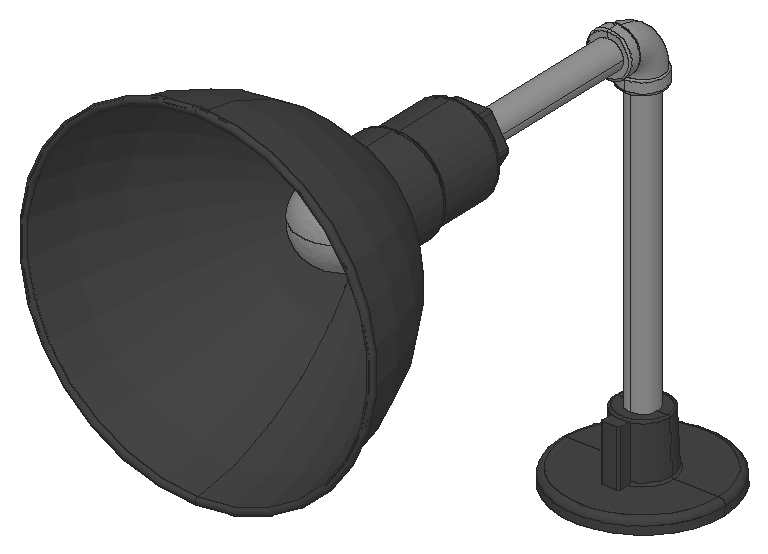
Revit family "BLE-G-DBW-G35-E26", category Lighting Fixtures, host Face, Revit 2022
Family settings
  Host = Face
  Round Connector Dimension = Use Diameter
  Part Type = Normal
  Cut with Voids When Loaded = No
  Light Source = Yes
  Maintain Annotation Orientation = No
  Shared = No
  Room Calculation Point = No
Parameters (values of type "10"")
  Wattage = 5.72229 W
  built-in parameter 1150110 = 1 (stored number, unit not read)
  built-in parameter 1114217 = 1 (stored number, unit not read)
  Tilt Angle = 0.00°
  built-in parameter 1150109 = 1 (stored number, unit not read)
  built-in parameter 1150134 = (empty or 0)
  built-in parameter 1150113 = 1 (stored number, unit not read)
  Gooseneck Material = 100 - Black
  Shade Material = 100 - Black
  Photometric Web File = "generic"
  built-in parameter 1150142 = (empty or 0)
  built-in parameter 1150105 = 67.641 (stored number, unit not read)
  Lumens = 850 lm
  built-in parameter 1150115 = 1 (stored number, unit not read)
  built-in parameter 1150137 = (empty or 0)
  built-in parameter 1150139 = (empty or 0)
  built-in parameter 1150112 = 1 (stored number, unit not read)
  built-in parameter 1150114 = 1 (stored number, unit not read)
  built-in parameter 1150132 = 2
  built-in parameter 1150102 = (empty or 0)
  built-in parameter 1150107 = 3000 (stored number, unit not read)
  built-in parameter 1150138 = (empty or 0)
  built-in parameter 1150106 = 0.67641 (stored number, unit not read)
  built-in parameter 1150104 = 13.8 (stored number, unit not read)
  20" = no
  Dimming Lamp Color Temperature Shift = <None>
  Default Elevation = 4' - 0"
  Color Filter = 16777215
  Base Material = 100 - Black
  built-in parameter 1114218 = 1 (stored number, unit not read)
  built-in parameter 1150133 = 10 (stored number, unit not read)
  16" = no
  14" = no
  12" = no
  10" = yes
Reference planes (in)
  plane 1 "Center (Front/Back)": y = 0
  plane 2: z = 0
  plane 3 "Center (Left/Right)": x = 0
Lines and regions (in)
  reference lines
    curve 1: line (0, 32, 0) -> (0, -36, 0)
    curve 2: line (-33.11947, 0, 0) -> (37.88053, 0, 0)
Dimensions and locks (in)
  locked: plane 1 "Center (Front/Back)" to imposter light at 10.5
  aligned and locked: plane 2 to host face
  aligned and locked: level to host face
  aligned and locked: plane 3 "Center (Left/Right)" to nested 1
  aligned and locked: plane 1 "Center (Front/Back)" to nested 1
  aligned and locked: nested 4 to imposter light
  aligned and locked: imposter light to plane 3 "Center (Left/Right)"
  aligned and locked: plane 1 "Center (Front/Back)" to nested 2
  aligned and locked: imposter light to nested 7
  aligned and locked: nested 5 to imposter light  (x2)
  aligned and locked: imposter light to nested 3
  aligned and locked: nested 7 to imposter light
  aligned and locked: imposter light to nested 6  (x2)
  aligned and locked: nested 3 to imposter light
  aligned and locked: imposter light to nested 2
Nested families (in)
  nested 1: "WBP-7501" at (0, 0, 0), type "WBP-7501"
  nested 2: "G35" at (0, 0, 1.975), type "GNK-5011"
  nested 3: "DBW Shade" at (0, -6.60668, 11.30924) x (0, 0, -1) z (0, -1, 0), type "DBW Shade"
    with 24" no, 20" no, 16" no, 14" no, 12" no
  nested 4: "103264" at (0, -3.60156, 11.30924) x (0, 0, -1) z (0, -1, 0), type "103264"
    with Heat Sink 9" no
  nested 5: "CPL-0004" at (0, -5.9565, 11.30924) x (1, 0, 0) z (0, -1, 0), type "CPL-0004"
  nested 6: "E26 Socket Assy" at (0, -6.64574, 11.30924) x (0, 0, -1) z (0, -1, 0), type "E26 Socket Assy"
  nested 7: "E26 Bulb" at (0, -8.90073, 11.30924) x (1, 0, 0) z (0, -1, 0), type "E26 Bulb"
Connectors (in)
  electrical at (0, 0, 0)
    settings: index 1, voltage 0 V, apparent load 0 VA, apparent load phase1 0 VA, apparent load phase2 0 VA, apparent load phase3 0 VA, power factor 1, load classification "Other", number of poles 1, system type 31, power factor state 1, is connector primary yes, connector utility no, sub classification motor no, connector description ""
Definition of nested family "WBP-7501"
  Parameters (values of type "WBP-7501")
    Default Elevation = 3' - 0"
    Base Material = none
  Reference planes (in)
    plane 1 "Center (Front/Back)": y = 0
    plane 2: z = 0
    plane 3 "Center (Left/Right)": x = 0
    plane 4 "Base Dia": x = -2.325
    plane 5 "Base Height": z = 0.4
    plane 6 "Fillet Radius": z = 0.225
    plane 7: z = 0.458
    plane 8: x = -0.87
    plane 9: x = -0.81
    plane 10: x = -0.76
    plane 11: z = 1.917
    plane 12: z = 1.975
    plane 13: x = -0.7
    plane 14: x = -0.2595
    plane 15: x = 0.2595
    plane 16: y = -1.135
  Forms (in)
    Extrusion 1, solid
      sketch origin (0, 0, 0) x (1, 0, 0) y (0, 1, 0)
        loop
          line (-48, 48) -> (-48, -48) -> (48, -48) -> (48, 48) -> (-48, 48)
      from 0 to -12
    Revolve 2, solid, material <- "Base Material"
      sketch origin (0, 0, 0) x (1, 0, 0) y (0, 0, 1)
        loop
          line (0, 0) -> (0, 1.975) -> (-0.7, 1.975)
          arc (-0.7, 1.975) -> (-0.74172, 1.95814) -> (-0.76, 1.91702) r 0.06003
          line (-0.76, 1.91702) -> (-0.81, 0.458)
          arc (-0.81, 0.458) -> (-0.82699, 0.41699) -> (-0.868, 0.4) r 0.058
          line (-0.868, 0.4) -> (-2.15, 0.4)
          arc (-2.15, 0.4) -> (-2.27374, 0.34874) -> (-2.325, 0.225) r 0.175
          line (-2.325, 0.225) -> (-2.325, 0) -> (0, 0)
        axis (0, 0) -> (0, 1.975)
      angle from 0 to 360
    Extrusion 3, solid, material <- "Base Material"
      sketch origin (0, 0, 0) x (1, 0, 0) y (0, 1, 0)
        loop
          line (-0.2595, -0.76731) -> (-0.2595, -1.075)
          arc (-0.2595, -1.075) -> (-0.24193, -1.11743) -> (-0.1995, -1.135) r 0.06
          line (-0.1995, -1.135) -> (0.1995, -1.135)
          arc (0.1995, -1.135) -> (0.24193, -1.11743) -> (0.2595, -1.075) r 0.06
          line (0.2595, -1.075) -> (0.2595, -0.76731)
          arc (0.2595, -0.76731) -> (0, -0.81) -> (-0.2595, -0.76731) r 0.81
      from 0 to 1.975
  Cuts and joins
    joined: Revolve 2, Extrusion 3
  Dimensions and locks (in)
    plane 4 "Base Dia" to plane 3 "Center (Left/Right)" = 0' - 2.325"
    locked: plane 5 "Base Height" to Extrusion 1 at 0.4
    locked: plane 3 "Center (Left/Right)" to plane 4 "Base Dia" at 2.325
    locked: plane 5 "Base Height" to plane 6 "Fillet Radius" at 0.175
    locked: plane 3 "Center (Left/Right)" to plane 9 at 0.81
    locked: plane 3 "Center (Left/Right)" to plane 8 at 0.87
    locked: plane 3 "Center (Left/Right)" to plane 10 at 0.76
    locked: plane 3 "Center (Left/Right)" to plane 13 at 0.7
    locked: plane 11 to plane 5 "Base Height" at 1.517
    locked: plane 12 to plane 5 "Base Height" at 1.575
    locked: plane 7 to plane 5 "Base Height" at 0.058
    locked: plane 14 to plane 3 "Center (Left/Right)" at 0.2595
    locked: plane 3 "Center (Left/Right)" to plane 15 at 0.2595
    locked: plane 16 to plane 1 "Center (Front/Back)" at 1.135
    radius of Revolve 2 sketch curve = 0' - 0.175"
    aligned and locked: plane 2 to Extrusion 1
    aligned and locked: level to Extrusion 1
    aligned and locked: Revolve 2 sketch curve to plane 5 "Base Height"
    aligned and locked: plane 9 to Revolve 2 sketch curve
    aligned and locked: plane 3 "Center (Left/Right)" to Revolve 2 sketch curve
    aligned and locked: plane 15 to Extrusion 3 sketch curve
    aligned and locked: Extrusion 3 sketch curve to plane 16
    aligned and locked: Extrusion 3 sketch curve to plane 14
  Automatic sketch dimensions
    Extrusion 1 sketch curve to Extrusion 1 sketch curve = 8' - 0"  (x2)
    Revolve 2 sketch curve to level = 0' - 0"
    Revolve 2 sketch curve to plane 4 "Base Dia" = 0' - 0"
    Revolve 2 sketch curve to plane 7 = 0' - 0"  (x2)
    plane 10 to Revolve 2 sketch curve = 0' - 0"
    Revolve 2 sketch curve to plane 12 = 0' - 0"
    Revolve 2 sketch curve to plane 13 = 0' - 0"
    Revolve 2 sketch curve to plane 3 "Center (Left/Right)" = 0' - 0"
    Revolve 2 sketch curve to Revolve 2 sketch curve = 0' - 0.22742"
    Revolve 2 sketch curve to Revolve 2 sketch curve = 0' - 1.76377"
    plane 1 "Center (Front/Back)" to Extrusion 3 sketch curve = 0' - 0"
    Extrusion 3 sketch curve to plane 3 "Center (Left/Right)" = 0' - 0"
    plane 14 to Extrusion 3 sketch curve = 0' - 0.06"
    Extrusion 3 sketch curve to plane 15 = 0' - 0.06"
    Extrusion 3 sketch curve to Extrusion 3 sketch curve = 0' - 0.30769"
Definition of nested family "G35"
  Parameters (values of type "G35")
    Gooseneck Material = none
    Default Elevation = 2' - 0"
  Reference planes (in)
    plane 1 "Center (Front/Back)": y = 0
    plane 2: z = 0
    plane 3 "Center (Left/Right)": x = 0
    plane 4 "Wood Height": z = 0
    plane 5: z = 9.33424
  Forms (in)
    Extrusion 1, solid
      sketch origin (0, 0, 0) x (1, 0, 0) y (0, 1, 0)
        loop
          line (-48, 48) -> (-48, -48) -> (48, -48) -> (48, 48) -> (-48, 48)
      from 0 to -12
  Dimensions and locks (in)
    aligned and locked: plane 2 to Extrusion 1
    aligned and locked: level to Extrusion 1
    aligned and locked: Extrusion 1 to plane 4 "Wood Height"
    aligned and locked: plane 3 "Center (Left/Right)" to nested 1
    aligned and locked: plane 1 "Center (Front/Back)" to nested 1
    aligned and locked: plane 3 "Center (Left/Right)" to nested 2
    aligned and locked: plane 1 "Center (Front/Back)" to nested 2
    aligned and locked: plane 3 "Center (Left/Right)" to nested 3
    aligned and locked: nested 3 to nested 2
  Nested families (in)
    nested 1: "GNK-5016" at (0, 0, 0), type "GNK-5016"
    nested 2: "APF-500X" at (0, 0, 8.12624) x (-1, 0, 0) z (0, 0, 1), type "APF-500X"
    nested 3: "STM-5006" at (0, -1.208, 9.33424) x (0, 0, -1) z (0, -1, 0), type "STM-5006"
  Definition of nested family "GNK-5016"
    Parameters (values of type "GNK-5016")
      Gooseneck Material = none
      Default Elevation = 2' - 0"
    Reference planes (in)
      plane 1 "Center (Front/Back)": y = 0
      plane 2: z = 0
      plane 3 "Center (Left/Right)": x = 0
      plane 4 "Wood Height": z = 0
    Forms (in)
      Extrusion 1, solid
        sketch origin (0, 0, 0) x (1, 0, 0) y (0, 1, 0)
          loop
            line (-48, 48) -> (-48, -48) -> (48, -48) -> (48, 48) -> (-48, 48)
        from 0 to -12
      Sweep 2, solid, material <- "Gooseneck Material"
        path origin (0, 0, 0) x (0, 1, 0) y (0, 0, 1)
          loop
            line (0, -0.0015) -> (0, 8.12624)
        profile origin (0, 0, 4.06237) x (0, -1, 0) y (1, 0, 0)
          loop
            circle (0, 0) r 0.42
    Dimensions and locks (in)
      aligned and locked: plane 2 to Extrusion 1
      aligned and locked: level to Extrusion 1
      aligned and locked: Extrusion 1 to plane 4 "Wood Height"
  Definition of nested family "APF-500X"
    Parameters (values of type "APF-500X")
      Gooseneck Material = none
      Default Elevation = 2' - 0"
    Reference planes (in)
      plane 1 "Center (Front/Back)": y = 0
      plane 2: z = 0
      plane 3 "Center (Left/Right)": x = 0
      plane 4: z = 0.375
      plane 5: y = 0.625
      plane 6: y = 0.833
      plane 7: y = 1.208
      plane 8: z = 1.208
      plane 9: z = 0.583
      plane 10: y = 0.5625
    Forms (in)
      Extrusion 1, solid
        sketch origin (0, 0, 0) x (1, 0, 0) y (0, 1, 0)
          loop
            line (-48, 48) -> (-48, -48) -> (48, -48) -> (48, 48) -> (-48, 48)
        from 0 to -12
      Revolve 2, solid, material <- "Gooseneck Material"
        sketch origin (0, 0, 0) x (0, 1, 0) y (0, 0, 1)
          loop
            line (0, 0.375) -> (0, 0) -> (0.585, 0)
            arc (0.585, 0) -> (0.61328, 0.01172) -> (0.625, 0.04) r 0.04
            line (0.625, 0.04) -> (0.625, 0.335)
            arc (0.625, 0.335) -> (0.61328, 0.36328) -> (0.585, 0.375) r 0.04
            line (0.585, 0.375) -> (0, 0.375)
          axis (0, 0.375) -> (0, 0)
        angle from 0 to 360
      Revolve 3, solid, material <- "Gooseneck Material"
        sketch origin (0, 0, 0) x (0, 1, 0) y (0, 0, 1)
          loop
            line (0.833, 1.208) -> (0.833, 0.623)
            arc (0.833, 0.623) -> (0.84472, 0.59472) -> (0.873, 0.583) r 0.04
            line (0.873, 0.583) -> (1.168, 0.583)
            arc (1.168, 0.583) -> (1.19628, 0.59472) -> (1.208, 0.623) r 0.04
            line (1.208, 0.623) -> (1.208, 1.208) -> (0.833, 1.208)
          axis (1.208, 1.208) -> (0.833, 1.208)
        angle from 0 to 360
      Sweep 4, solid, material <- "Gooseneck Material"
        path origin (0, 0, 0) x (0, 1, 0) y (0, 0, 1)
          loop
            line (0, 0) -> (0, 0.375)
            arc (0, 0.375) -> (0.24398, 0.96402) -> (0.833, 1.208) r 0.833
            line (0.833, 1.208) -> (1.208, 1.208)
        profile origin (0, 0, 0.1875) x (0, -1, 0) y (1, 0, 0)
          loop
            circle (0, 0) r 0.5625
    Cuts and joins
      joined: Revolve 2, Revolve 3, Sweep 4
    Dimensions and locks (in)
      plane 5 to plane 1 "Center (Front/Back)" = 0' - 0 5/8"
      plane 4 to Extrusion 1 = 0' - 0 3/8"
      locked: plane 7 to plane 6 at 0.375
      locked: plane 6 to plane 1 "Center (Front/Back)" at 0.833
      plane 8 to plane 4 = 0' - 0.833"
      locked: plane 8 to plane 9 at 0.625
      locked: plane 10 to plane 1 "Center (Front/Back)" at 0.5625
      radius of Revolve 3 sketch curve = 0' - 0.04"
      aligned and locked: plane 2 to Extrusion 1
      aligned and locked: level to Extrusion 1
      aligned and locked: plane 1 "Center (Front/Back)" to Revolve 2 sketch curve
      aligned and locked: plane 8 to Revolve 3 sketch curve
    Automatic sketch dimensions
      Extrusion 1 sketch curve to Extrusion 1 sketch curve = 8' - 0"  (x2)
      Revolve 2 sketch curve to plane 1 "Center (Front/Back)" = 0' - 0"
      Revolve 2 sketch curve to level = 0' - 0"
      Revolve 2 sketch curve to plane 4 = 0' - 0"
      Revolve 2 sketch curve to plane 5 = 0' - 0"
      plane 5 to Revolve 2 sketch curve = 0' - 0.04"
      Revolve 2 sketch curve to Revolve 2 sketch curve = 0' - 0.04"
      Revolve 2 sketch curve to level = 0' - 0.2686"
      plane 4 to Revolve 2 sketch curve = 0' - 0 1/4"
      Revolve 3 sketch curve to plane 5 = 0' - 0"
      Revolve 3 sketch curve to plane 6 = 0' - 0"
      Revolve 3 sketch curve to plane 9 = 0' - 0"
      Revolve 3 sketch curve to plane 7 = 0' - 0"
      Revolve 3 sketch curve to plane 8 = 0' - 0"
      plane 7 to Revolve 3 sketch curve = 0' - 0.04"
      Revolve 3 sketch curve to Revolve 3 sketch curve = 0' - 0.18003"
      Sweep 4 sketch curve to plane 6 = 0' - 0"
      Sweep 4 sketch curve to plane 7 = 0' - 0"
      Sweep 4 sketch curve to level = 0' - 0"
      Sweep 4 sketch curve to plane 4 = 0' - 0"
      Sweep 4 sketch curve to plane 8 = 0' - 0"
      Sweep 4 sketch curve to plane 3 "Center (Left/Right)" = 0' - 0"
      Sweep 4 sketch curve to profile plane = 0' - 0"
      radius of Sweep 4 sketch curve = 0' - 0 9/16"
  Definition of nested family "STM-5006"
    Parameters (values of type "STM-5006")
      Gooseneck Material = none
      Default Elevation = 2' - 0"
    Reference planes (in)
      plane 1 "Center (Front/Back)": y = 0
      plane 2: z = -0.0015
      plane 3 "Center (Left/Right)": x = 0
      plane 4 "Wood Height": z = -0.0015
    Forms (in)
      Extrusion 1, solid
        sketch origin (0, 0, 0) x (1, 0, 0) y (0, 1, 0)
          loop
            line (-48, 48) -> (-48, -48) -> (48, -48) -> (48, 48) -> (-48, 48)
        from -0.0015 to -12
      Sweep 2, solid, material <- "Gooseneck Material"
        path origin (0, 0, 0) x (0, 1, 0) y (0, 0, 1)
          loop
            line (0, -0.0015) -> (0, 4.7485)
        profile origin (0, 0, 2.3735) x (0, -1, 0) y (1, 0, 0)
          loop
            circle (0, 0) r 0.42
    Dimensions and locks (in)
      aligned and locked: plane 2 to Extrusion 1
      aligned and locked: level to Extrusion 1
      aligned and locked: Extrusion 1 to plane 4 "Wood Height"
Definition of nested family "DBW Shade"
  Parameters (values of type "DBW Shade")
    Shade Material = none
    Default Elevation = 2' - 0"
    24" = yes
    20" = yes
    10" = yes
    16" = yes
    14" = yes
    12" = yes
  Reference planes (in)
    plane 1 "Center (Front/Back)": y = 0
    plane 2: z = 0
    plane 3 "Center (Left/Right)": x = 0
  Forms (in)
    Extrusion 1, solid
      sketch origin (0, 0, 0) x (1, 0, 0) y (0, 1, 0)
        loop
          line (-48, 48) -> (-48, -48) -> (48, -48) -> (48, 48) -> (-48, 48)
      from 0 to -12
  Dimensions and locks (in)
    aligned and locked: plane 2 to Extrusion 1
    aligned and locked: level to Extrusion 1
    aligned and locked: plane 1 "Center (Front/Back)" to nested 1
    aligned and locked: plane 3 "Center (Left/Right)" to nested 1
    aligned and locked: plane 3 "Center (Left/Right)" to nested 2
    aligned and locked: plane 1 "Center (Front/Back)" to nested 2
    aligned and locked: plane 1 "Center (Front/Back)" to nested 3
    aligned and locked: plane 3 "Center (Left/Right)" to nested 3
    aligned and locked: plane 1 "Center (Front/Back)" to nested 4
    aligned and locked: plane 1 "Center (Front/Back)" to nested 5
    aligned and locked: plane 3 "Center (Left/Right)" to nested 5
    aligned and locked: plane 3 "Center (Left/Right)" to nested 6
    aligned and locked: plane 1 "Center (Front/Back)" to nested 6
    aligned and locked: plane 3 "Center (Left/Right)" to nested 4
  Nested families (in)
    nested 1: "SHD-0028" at (0, 0, 0), visible <- "10"", type "SHD-0028"
    nested 2: "SHD-0029" at (0, 0, 0), visible <- "12"", type "SHD-0029"
    nested 3: "SHD-0114" at (0, 0, 0), visible <- "14"", type "SHD-0114"
    nested 4: "SHD-0115" at (0, 0, 0), visible <- "16"", type "SHD-0115"
    nested 5: "SHD-0308" at (0, 0, 0), visible <- "24"", type "SHD-0308"
    nested 6: "SHD-0223" at (0, 0, 0), visible <- "20"", type "SHD-0223"
  Definition of nested family "SHD-0028"
    Parameters (values of type "SHD-0028")
      Shade Material = none
      Default Elevation = 2' - 0"
    Reference planes (in)
      plane 1 "Center (Front/Back)": y = 0
      plane 2: z = 0
      plane 3 "Center (Left/Right)": x = 0
      plane 4 "Wood Height": z = 0
      plane 5 "Nut Radius": x = -1.03713
      plane 6 "Nut Flat": x = -0.861
      plane 7 "Shade Thickness": z = 0.04
      plane 8 "Lower Shade bottom": z = 9.109
      plane 9 "Lower Shade Outer Dia": x = -5
      plane 10 "Shade Top Dia": x = -1.20713
      plane 11 "Shade Middle Radius Height1": z = 1.965
      plane 12 "Shade Lower Diameter1": x = -1.44113
      plane 13 "Shade Top Radius": x = -1.29713
      plane 14 "Shade Middle Radious Height2": z = 2.105
      plane 15 "Shade Middle Radius Diameter2": x = -1.41363
      plane 16 "Lip Height": z = 9.029
      plane 17 "Bowl Start": z = 3.545
      plane 18: x = -4.85
      plane 19: z = 9.069
    Forms (in)
      Extrusion 1, solid
        sketch origin (0, 0, 0) x (1, 0, 0) y (0, 1, 0)
          loop
            line (-48, 48) -> (-48, -48) -> (48, -48) -> (48, 48) -> (-48, 48)
        from 0 to -12
      Revolve 2, solid, material <- "Shade Material"
        sketch origin (0, 0, 0) x (1, 0, 0) y (0, 0, 1)
          loop
            line (0, 0) -> (0, 0.03906) -> (-1.20713, 0.03906)
            arc (-1.20713, 0.03906) -> (-1.24314, 0.05398) -> (-1.25806, 0.09) r 0.05094
            line (-1.25806, 0.09) -> (-1.25806, 1.94384)
            arc (-1.25806, 1.94384) -> (-1.26409, 1.97759) -> (-1.28141, 2.00717) r 0.09757
            line (-1.28141, 2.00717) -> (-1.37456, 2.11635) -> (-1.37456, 3.48096)
            arc (-1.37456, 3.48096) -> (-1.39014, 3.54099) -> (-1.43295, 3.58588) r 0.12347
            arc (-1.43295, 3.58588) -> (-3.7536, 5.90437) -> (-4.80544, 9.01154) r 7.20294
            arc (-4.80544, 9.01154) -> (-4.99326, 9.04214) -> (-4.84504, 8.9228) r 0.09841
            line (-4.84504, 8.9228) -> (-4.86619, 8.95581)
            arc (-4.86619, 8.95581) -> (-4.95809, 9.02506) -> (-4.84432, 9.00777) r 0.05934
            arc (-4.84432, 9.00777) -> (-3.78678, 5.88375) -> (-1.45354, 3.55268) r 7.242
            arc (-1.45354, 3.55268) -> (-1.42428, 3.522) -> (-1.41363, 3.48096) r 0.0844
            line (-1.41363, 3.48096) -> (-1.41363, 2.13147)
            arc (-1.41363, 2.13147) -> (-1.40868, 2.10377) -> (-1.39446, 2.07949) r 0.08009
            line (-1.39446, 2.07949) -> (-1.31112, 1.98181)
            arc (-1.31112, 1.98181) -> (-1.30074, 1.96408) -> (-1.29713, 1.94384) r 0.0585
            line (-1.29713, 1.94384) -> (-1.29713, 0.09)
            arc (-1.29713, 0.09) -> (-1.27077, 0.02636) -> (-1.20713, 0) r 0.09
            line (-1.20713, 0) -> (0, 0)
          axis (0, 9.01154) -> (0, 0)
        angle from 0 to 360
    Dimensions and locks (in)
      locked: plane 6 "Nut Flat" to plane 3 "Center (Left/Right)" at 0.861
      locked: plane 7 "Shade Thickness" to plane 4 "Wood Height" at 0.04
      locked: plane 3 "Center (Left/Right)" to plane 9 "Lower Shade Outer Dia" at 5
      locked: plane 11 "Shade Middle Radius Height1" to plane 4 "Wood Height" at 1.965
      locked: plane 14 "Shade Middle Radious Height2" to plane 4 "Wood Height" at 2.105
      locked: plane 8 "Lower Shade bottom" to plane 16 "Lip Height" at 0.08
      locked: plane 17 "Bowl Start" to plane 4 "Wood Height" at 3.545
      locked: plane 18 to plane 9 "Lower Shade Outer Dia" at 0.15
      locked: plane 8 "Lower Shade bottom" to plane 19 at 0.04
      locked: plane 8 "Lower Shade bottom" to plane 4 "Wood Height" at 9.109
      aligned and locked: plane 2 to Extrusion 1
      aligned and locked: level to Extrusion 1
      aligned and locked: plane 4 "Wood Height" to Revolve 2 sketch curve
      aligned and locked: plane 10 "Shade Top Dia" to Revolve 2 sketch curve
      aligned and locked: Revolve 2 sketch curve to plane 15 "Shade Middle Radius Diameter2"
      aligned and locked: Revolve 2 sketch curve to plane 13 "Shade Top Radius"
      aligned and locked: Extrusion 1 to plane 4 "Wood Height"
    Automatic sketch dimensions
      Extrusion 1 sketch curve to Extrusion 1 sketch curve = 8' - 0"  (x2)
      Revolve 2 sketch curve to Revolve 2 sketch curve = 0' - 0"  (x12)
      Revolve 2 sketch curve to plane 3 "Center (Left/Right)" = 0' - 0"  (x2)
      plane 18 to Revolve 2 sketch curve = 0' - 0.00496"
      Revolve 2 sketch curve to plane 18 = 0' - 0.01619"
      plane 15 "Shade Middle Radius Diameter2" to Revolve 2 sketch curve = 0' - 0.01916"
      plane 14 "Shade Middle Radious Height2" to Revolve 2 sketch curve = 0' - 0.01135"
      plane 15 "Shade Middle Radius Diameter2" to Revolve 2 sketch curve = 0' - 0 5/128"
      Revolve 2 sketch curve to plane 11 "Shade Middle Radius Height1" = 0' - 0.02116"
      plane 15 "Shade Middle Radius Diameter2" to Revolve 2 sketch curve = 0' - 0.058"
      plane 14 "Shade Middle Radious Height2" to Revolve 2 sketch curve = 0' - 0.02647"
      Revolve 2 sketch curve to plane 13 "Shade Top Radius" = 0' - 0.01572"
      Revolve 2 sketch curve to Revolve 2 sketch curve = 0' - 0 5/128"
      Revolve 2 sketch curve to plane 17 "Bowl Start" = 0' - 0.06404"
      plane 18 to Revolve 2 sketch curve = 0' - 0.00568"
      plane 17 "Bowl Start" to Revolve 2 sketch curve = 0' - 0.15101"
      Revolve 2 sketch curve to Revolve 2 sketch curve = 0' - 2.15863"
      Revolve 2 sketch curve to plane 12 "Shade Lower Diameter1" = 0' - 0.00818"
      Revolve 2 sketch curve to Revolve 2 sketch curve = 0' - 0.03888"  (x2)
      Revolve 2 sketch curve to Revolve 2 sketch curve = 0' - 0.03301"
      Revolve 2 sketch curve to Revolve 2 sketch curve = 0' - 0.02059"
      Revolve 2 sketch curve to Revolve 2 sketch curve = 0' - 0.03319"
  Definition of nested family "SHD-0029"
    Parameters (values of type "SHD-0029")
      Shade Material = none
      Default Elevation = 2' - 0"
    Reference planes (in)
      plane 1 "Center (Front/Back)": y = 0
      plane 2: z = 0
      plane 3 "Center (Left/Right)": x = 0
      plane 4 "Wood Height": z = 0
      plane 5 "Nut Radius": x = -1.03713
      plane 6 "Nut Flat": x = -0.861
      plane 7 "Shade Thickness": z = 0.04
      plane 8 "Shade Top Dia": x = -1.20713
      plane 9 "Shade Middle Radius Height1": z = 1.965
      plane 10 "Shade Lower Diameter1": x = -1.44113
      plane 11 "Shade Top Radius": x = -1.29713
      plane 12 "Shade Middle Radious Height2": z = 2.105
      plane 13 "Shade Middle Radius Diameter2": x = -1.41363
      plane 14 "Bowl Start": z = 3.545
    Forms (in)
      Extrusion 1, solid
        sketch origin (0, 0, 0) x (1, 0, 0) y (0, 1, 0)
          loop
            line (-48, 48) -> (-48, -48) -> (48, -48) -> (48, 48) -> (-48, 48)
        from 0 to -12
      Revolve 2, solid, material <- "Shade Material"
        sketch origin (0, 0, 0) x (1, 0, 0) y (0, 0, 1)
          loop
            line (0, 0) -> (0, 0.03906) -> (-1.20713, 0.03906)
            arc (-1.20713, 0.03906) -> (-1.24314, 0.05398) -> (-1.25806, 0.09) r 0.05094
            line (-1.25806, 0.09) -> (-1.25806, 1.94384)
            arc (-1.25806, 1.94384) -> (-1.26409, 1.97759) -> (-1.28141, 2.00717) r 0.09757
            line (-1.28141, 2.00717) -> (-1.37456, 2.11635) -> (-1.37456, 3.49488)
            arc (-1.37456, 3.49488) -> (-1.3856, 3.54027) -> (-1.41623, 3.57553) r 0.09889
            arc (-1.41623, 3.57553) -> (-4.2546, 6.22323) -> (-5.80711, 9.7808) r 9.56481
            arc (-5.80711, 9.7808) -> (-5.99536, 9.79563) -> (-5.84506, 9.68132) r 0.09841
            line (-5.84506, 9.68132) -> (-5.86621, 9.71432)
            arc (-5.86621, 9.71432) -> (-5.9593, 9.78052) -> (-5.84534, 9.77276) r 0.05934
            arc (-5.84534, 9.77276) -> (-4.28694, 6.2013) -> (-1.43786, 3.54296) r 9.60387
            arc (-1.43786, 3.54296) -> (-1.42003, 3.5218) -> (-1.41363, 3.49488) r 0.05982
            line (-1.41363, 3.49488) -> (-1.41363, 2.13147)
            arc (-1.41363, 2.13147) -> (-1.40868, 2.10377) -> (-1.39446, 2.07949) r 0.08009
            line (-1.39446, 2.07949) -> (-1.31112, 1.98181)
            arc (-1.31112, 1.98181) -> (-1.30074, 1.96408) -> (-1.29713, 1.94384) r 0.0585
            line (-1.29713, 1.94384) -> (-1.29713, 0.09)
            arc (-1.29713, 0.09) -> (-1.27077, 0.02636) -> (-1.20713, 0) r 0.09
            line (-1.20713, 0) -> (0, 0)
          axis (0, 9.7808) -> (0, 0)
        angle from 0 to 360
    Dimensions and locks (in)
      locked: plane 6 "Nut Flat" to plane 3 "Center (Left/Right)" at 0.861
      locked: plane 7 "Shade Thickness" to plane 4 "Wood Height" at 0.04
      locked: plane 9 "Shade Middle Radius Height1" to plane 4 "Wood Height" at 1.965
      locked: plane 12 "Shade Middle Radious Height2" to plane 4 "Wood Height" at 2.105
      locked: plane 14 "Bowl Start" to plane 4 "Wood Height" at 3.545
      aligned and locked: plane 2 to Extrusion 1
      aligned and locked: level to Extrusion 1
      aligned and locked: plane 4 "Wood Height" to Revolve 2 sketch curve
      aligned and locked: plane 8 "Shade Top Dia" to Revolve 2 sketch curve
      aligned and locked: Revolve 2 sketch curve to plane 13 "Shade Middle Radius Diameter2"
      aligned and locked: Revolve 2 sketch curve to plane 11 "Shade Top Radius"
      aligned and locked: Extrusion 1 to plane 4 "Wood Height"
    Automatic sketch dimensions
      Extrusion 1 sketch curve to Extrusion 1 sketch curve = 8' - 0"  (x2)
      Revolve 2 sketch curve to Revolve 2 sketch curve = 0' - 0"  (x15)
      Revolve 2 sketch curve to plane 3 "Center (Left/Right)" = 0' - 0"  (x2)
      plane 10 "Shade Lower Diameter1" to Revolve 2 sketch curve = 0' - 0.03232"
      Revolve 2 sketch curve to Revolve 2 sketch curve = 0' - 0.02115"
      Revolve 2 sketch curve to Revolve 2 sketch curve = 0' - 0.0372"
      plane 13 "Shade Middle Radius Diameter2" to Revolve 2 sketch curve = 0' - 0.01916"
      plane 12 "Shade Middle Radious Height2" to Revolve 2 sketch curve = 0' - 0.01135"
      plane 13 "Shade Middle Radius Diameter2" to Revolve 2 sketch curve = 0' - 0 5/128"
      Revolve 2 sketch curve to plane 9 "Shade Middle Radius Height1" = 0' - 0.02116"
      plane 13 "Shade Middle Radius Diameter2" to Revolve 2 sketch curve = 0' - 0.058"
      plane 12 "Shade Middle Radious Height2" to Revolve 2 sketch curve = 0' - 0.02647"
      Revolve 2 sketch curve to plane 11 "Shade Top Radius" = 0' - 0.01572"
      Revolve 2 sketch curve to Revolve 2 sketch curve = 0' - 0 5/128"
      Revolve 2 sketch curve to plane 14 "Bowl Start" = 0' - 0.05012"
      Revolve 2 sketch curve to Revolve 2 sketch curve = 0' - 0.03301"
      Revolve 2 sketch curve to Revolve 2 sketch curve = 0' - 0.04623"
      Revolve 2 sketch curve to plane 13 "Shade Middle Radius Diameter2" = 0' - 0.00261"
      Revolve 2 sketch curve to plane 14 "Bowl Start" = 0' - 0.00204"
      plane 14 "Bowl Start" to Revolve 2 sketch curve = 0' - 0.15101"
      Revolve 2 sketch curve to Revolve 2 sketch curve = 0' - 2.15863"
      plane 10 "Shade Lower Diameter1" to Revolve 2 sketch curve = 0' - 4.40394"
      plane 3 "Center (Left/Right)" to Revolve 2 sketch curve = 0' - 3.5532"
      plane 14 "Bowl Start" to Revolve 2 sketch curve = 0' - 6.13632"
  Definition of nested family "SHD-0114"
    Parameters (values of type "SHD-0114")
      Shade Material = none
      Default Elevation = 2' - 0"
    Reference planes (in)
      plane 1 "Center (Front/Back)": y = 0
      plane 2: z = 0
      plane 3 "Center (Left/Right)": x = 0
      plane 4 "Wood Height": z = 0
    Forms (in)
      Extrusion 1, solid
        sketch origin (0, 0, 0) x (1, 0, 0) y (0, 1, 0)
          loop
            line (-48, 48) -> (-48, -48) -> (48, -48) -> (48, 48) -> (-48, 48)
        from 0 to -12
      Revolve 2, solid, material <- "Shade Material"
        sketch origin (0, 0, 0) x (1, 0, 0) y (0, 0, 1)
          loop
            line (0, 0) -> (0, 0.03906) -> (-1.45545, 0.03906)
            arc (-1.45545, 0.03906) -> (-1.49164, 0.05405) -> (-1.50663, 0.09025) r 0.05119
            line (-1.50663, 0.09025) -> (-1.50663, 2.07228)
            arc (-1.50663, 2.07228) -> (-1.51325, 2.1034) -> (-1.53194, 2.12913) r 0.0765
            line (-1.53194, 2.12913) -> (-1.59895, 2.18946)
            arc (-1.59895, 2.18946) -> (-1.61737, 2.21483) -> (-1.62389, 2.24549) r 0.07539
            line (-1.62389, 2.24549) -> (-1.62389, 3.76049)
            arc (-1.62389, 3.76049) -> (-1.63985, 3.81863) -> (-1.68326, 3.86047) r 0.11386
            arc (-1.68326, 3.86047) -> (-5.12462, 6.95788) -> (-6.79993, 11.27416) r 9.99002
            arc (-6.79993, 11.27416) -> (-6.99505, 11.29998) -> (-6.84047, 11.17815) r 0.10205
            line (-6.84047, 11.17815) -> (-6.86365, 11.20959)
            arc (-6.86365, 11.20959) -> (-6.95906, 11.28479) -> (-6.83863, 11.26885) r 0.06299
            arc (-6.83863, 11.26885) -> (-5.15677, 6.93569) -> (-1.70196, 3.82617) r 10.02909
            arc (-1.70196, 3.82617) -> (-1.67344, 3.79868) -> (-1.66295, 3.76049) r 0.07479
            line (-1.66295, 3.76049) -> (-1.66295, 2.24549)
            arc (-1.66295, 2.24549) -> (-1.65306, 2.19894) -> (-1.62508, 2.16043) r 0.11445
            line (-1.62508, 2.16043) -> (-1.55808, 2.1001)
            arc (-1.55808, 2.1001) -> (-1.54893, 2.08751) -> (-1.54569, 2.07228) r 0.03743
            line (-1.54569, 2.07228) -> (-1.54569, 0.09025)
            arc (-1.54569, 0.09025) -> (-1.51926, 0.02643) -> (-1.45545, 0) r 0.09025
            line (-1.45545, 0) -> (0, 0)
          axis (0, 11.27416) -> (0, 0)
        angle from 0 to 360
    Dimensions and locks (in)
      aligned and locked: plane 2 to Extrusion 1
      aligned and locked: level to Extrusion 1
      aligned and locked: Extrusion 1 to plane 4 "Wood Height"
    Automatic sketch dimensions
      Extrusion 1 sketch curve to Extrusion 1 sketch curve = 8' - 0"  (x2)
      Revolve 2 sketch curve to Revolve 2 sketch curve = 0' - 0"  (x25)
      Revolve 2 sketch curve to level = 0' - 0"
      Revolve 2 sketch curve to plane 3 "Center (Left/Right)" = 0' - 0"  (x2)
      Revolve 2 sketch curve to Revolve 2 sketch curve = 0' - 0.01239"
      Revolve 2 sketch curve to Revolve 2 sketch curve = 0' - 0.07479"
      Revolve 2 sketch curve to Revolve 2 sketch curve = 0' - 0.02318"
      Revolve 2 sketch curve to Revolve 2 sketch curve = 0' - 0.03738"
      Revolve 2 sketch curve to Revolve 2 sketch curve = 0' - 0.03144"
      Revolve 2 sketch curve to Revolve 2 sketch curve = 0' - 0.0507"
      Revolve 2 sketch curve to Revolve 2 sketch curve = 0' - 0.01869"  (x2)
      Revolve 2 sketch curve to Revolve 2 sketch curve = 0' - 2.15863"
      plane 3 "Center (Left/Right)" to Revolve 2 sketch curve = 0' - 3.09734"
      Revolve 2 sketch curve to Revolve 2 sketch curve = 0' - 0.02614"
      Revolve 2 sketch curve to Revolve 2 sketch curve = 0' - 0 5/128"  (x2)
      Revolve 2 sketch curve to Revolve 2 sketch curve = 0' - 1.45545"
      Revolve 2 sketch curve to Revolve 2 sketch curve = 0' - 0.05119"
      Revolve 2 sketch curve to Revolve 2 sketch curve = 0' - 0.02531"
      Revolve 2 sketch curve to Revolve 2 sketch curve = 0' - 0.01656"
      Revolve 2 sketch curve to Revolve 2 sketch curve = 0' - 0.02505"
      Revolve 2 sketch curve to Revolve 2 sketch curve = 0' - 0.05045"
      Revolve 2 sketch curve to plane 3 "Center (Left/Right)" = 0' - 6.84047"
      Revolve 2 sketch curve to Revolve 2 sketch curve = 0' - 1.98204"
      Revolve 2 sketch curve to Revolve 2 sketch curve = 0' - 1.515"
      Revolve 2 sketch curve to Revolve 2 sketch curve = 0' - 7.41765"
      Revolve 2 sketch curve to Revolve 2 sketch curve = 0' - 0.06448"
  Definition of nested family "SHD-0115"
    Parameters (values of type "SHD-0115")
      Shade Material = none
      Default Elevation = 2' - 0"
    Reference planes (in)
      plane 1 "Center (Front/Back)": y = 0
      plane 2: z = 0
      plane 3 "Center (Left/Right)": x = 0
      plane 4 "Wood Height": z = 0
    Forms (in)
      Extrusion 1, solid
        sketch origin (0, 0, 0) x (1, 0, 0) y (0, 1, 0)
          loop
            line (-48, 48) -> (-48, -48) -> (48, -48) -> (48, 48) -> (-48, 48)
        from 0 to -12
      Revolve 2, solid, material <- "Shade Material"
        sketch origin (0, 0, 0) x (1, 0, 0) y (0, 0, 1)
          loop
            line (0, 0) -> (0, 0.03906) -> (-1.45545, 0.03906)
            arc (-1.45545, 0.03906) -> (-1.49164, 0.05405) -> (-1.50663, 0.09025) r 0.05119
            line (-1.50663, 0.09025) -> (-1.50663, 2.07228)
            arc (-1.50663, 2.07228) -> (-1.51325, 2.1034) -> (-1.53194, 2.12913) r 0.0765
            line (-1.53194, 2.12913) -> (-1.59895, 2.18946)
            arc (-1.59895, 2.18946) -> (-1.61737, 2.21483) -> (-1.62389, 2.24549) r 0.07539
            line (-1.62389, 2.24549) -> (-1.62389, 3.76049)
            arc (-1.62389, 3.76049) -> (-1.64115, 3.82076) -> (-1.6877, 3.86276) r 0.11386
            arc (-1.6877, 3.86276) -> (-5.9143, 7.51176) -> (-7.79992, 12.76759) r 10.98102
            arc (-7.79992, 12.76759) -> (-7.99459, 12.80067) -> (-7.84102, 12.67655) r 0.10205
            line (-7.84102, 12.67655) -> (-7.8642, 12.70799)
            arc (-7.8642, 12.70799) -> (-7.95899, 12.7846) -> (-7.83883, 12.76418) r 0.06299
            arc (-7.83883, 12.76418) -> (-5.94651, 7.48965) -> (-1.70487, 3.82767) r 11.02008
            arc (-1.70487, 3.82767) -> (-1.67429, 3.80009) -> (-1.66295, 3.76049) r 0.07479
            line (-1.66295, 3.76049) -> (-1.66295, 2.24549)
            arc (-1.66295, 2.24549) -> (-1.65306, 2.19894) -> (-1.62508, 2.16043) r 0.11445
            line (-1.62508, 2.16043) -> (-1.55808, 2.1001)
            arc (-1.55808, 2.1001) -> (-1.54893, 2.08751) -> (-1.54569, 2.07228) r 0.03743
            line (-1.54569, 2.07228) -> (-1.54569, 0.09025)
            arc (-1.54569, 0.09025) -> (-1.51926, 0.02643) -> (-1.45545, 0) r 0.09025
            line (-1.45545, 0) -> (0, 0)
          axis (0, 12.76759) -> (0, 0)
        angle from 0 to 360
    Dimensions and locks (in)
      aligned and locked: plane 2 to Extrusion 1
      aligned and locked: level to Extrusion 1
      aligned and locked: Extrusion 1 to plane 4 "Wood Height"
    Automatic sketch dimensions
      Extrusion 1 sketch curve to Extrusion 1 sketch curve = 8' - 0"  (x2)
      Revolve 2 sketch curve to Revolve 2 sketch curve = 0' - 0"  (x16)
      Revolve 2 sketch curve to level = 0' - 0"
      Revolve 2 sketch curve to plane 3 "Center (Left/Right)" = 0' - 0"  (x2)
      Revolve 2 sketch curve to Revolve 2 sketch curve = 0' - 1.45545"
      Revolve 2 sketch curve to plane 3 "Center (Left/Right)" = 0' - 1.50663"
      Revolve 2 sketch curve to Revolve 2 sketch curve = 0' - 0.02531"
      Revolve 2 sketch curve to Revolve 2 sketch curve = 0' - 0 5/128"
      Revolve 2 sketch curve to Revolve 2 sketch curve = 0' - 0.01656"
      Revolve 2 sketch curve to Revolve 2 sketch curve = 0' - 0.01239"
      Revolve 2 sketch curve to Revolve 2 sketch curve = 0' - 0.02505"
      Revolve 2 sketch curve to Revolve 2 sketch curve = 0' - 0.05045"
      Revolve 2 sketch curve to Revolve 2 sketch curve = 0' - 0.02494"
      Revolve 2 sketch curve to Revolve 2 sketch curve = 0' - 0.02614"
      Revolve 2 sketch curve to Revolve 2 sketch curve = 0' - 0.07479"
      Revolve 2 sketch curve to Revolve 2 sketch curve = 0' - 0.02318"
      Revolve 2 sketch curve to Revolve 2 sketch curve = 0' - 0.03738"
      plane 3 "Center (Left/Right)" to Revolve 2 sketch curve = 0' - 3.13919"
      Revolve 2 sketch curve to Revolve 2 sketch curve = 0' - 1.98204"
      Revolve 2 sketch curve to Revolve 2 sketch curve = 0' - 1.515"
      Revolve 2 sketch curve to Revolve 2 sketch curve = 0' - 0.03144"
      Revolve 2 sketch curve to Revolve 2 sketch curve = 0' - 0.0507"
      Revolve 2 sketch curve to Revolve 2 sketch curve = 0' - 1.04947"
      Revolve 2 sketch curve to Revolve 2 sketch curve = 0' - 0.03891"
      Revolve 2 sketch curve to Revolve 2 sketch curve = 0' - 0.06448"
      Revolve 2 sketch curve to Revolve 2 sketch curve = 0' - 2.15863"
  Definition of nested family "SHD-0308"
    Parameters (values of type "SHD-0308")
      Shade Material = none
      Default Elevation = 2' - 0"
    Reference planes (in)
      plane 1 "Center (Front/Back)": y = 0
      plane 2: z = 0
      plane 3 "Center (Left/Right)": x = 0
      plane 4 "Wood Height": z = 0
    Forms (in)
      Extrusion 1, solid
        sketch origin (0, 0, 0) x (1, 0, 0) y (0, 1, 0)
          loop
            line (-48, 48) -> (-48, -48) -> (48, -48) -> (48, 48) -> (-48, 48)
        from 0 to -12
      Revolve 2, solid, material <- "Shade Material"
        sketch origin (0, 0, 0) x (1, 0, 0) y (0, 0, 1)
          loop
            line (0, 0) -> (0, 0.03906) -> (-2.22237, 0.03906)
            arc (-2.22237, 0.03906) -> (-2.2742, 0.06053) -> (-2.29567, 0.11236) r 0.0733
            line (-2.29567, 0.11236) -> (-2.29567, 3.09806)
            arc (-2.29567, 3.09806) -> (-2.30835, 3.16758) -> (-2.34475, 3.22814) r 0.19691
            line (-2.34475, 3.22814) -> (-2.42725, 3.32189)
            arc (-2.42725, 3.32189) -> (-2.46224, 3.38009) -> (-2.47442, 3.4469) r 0.18923
            line (-2.47442, 3.4469) -> (-2.47442, 5.72055)
            arc (-2.47442, 5.72055) -> (-2.4994, 5.80773) -> (-2.56677, 5.86845) r 0.16462
            arc (-2.56677, 5.86845) -> (-9.0535, 11.47959) -> (-11.91654, 19.56448) r 16.76616
            arc (-11.91654, 19.56448) -> (-11.93143, 19.59499) -> (-11.96306, 19.60734) r 0.04667
            line (-11.96306, 19.60734) -> (-12.00319, 19.60734)
            arc (-12.00319, 19.60734) -> (-12.07667, 19.53386) -> (-12.00319, 19.46037) r 0.07348
            line (-12.00319, 19.46037) -> (-11.96309, 19.46037) -> (-11.96309, 19.49944) -> (-12.00319, 19.49944)
            arc (-12.00319, 19.49944) -> (-12.03761, 19.53386) -> (-12.00319, 19.56828) r 0.03442
            line (-12.00319, 19.56828) -> (-11.95604, 19.56828)
            arc (-11.95604, 19.56828) -> (-9.08774, 11.46046) -> (-2.58392, 5.83336) r 16.80523
            arc (-2.58392, 5.83336) -> (-2.53254, 5.78704) -> (-2.51348, 5.72055) r 0.12556
            line (-2.51348, 5.72055) -> (-2.51348, 3.4469)
            arc (-2.51348, 3.4469) -> (-2.49878, 3.3663) -> (-2.45658, 3.29609) r 0.22829
            line (-2.45658, 3.29609) -> (-2.37408, 3.20234)
            arc (-2.37408, 3.20234) -> (-2.34489, 3.15379) -> (-2.33473, 3.09806) r 0.15785
            line (-2.33473, 3.09806) -> (-2.33473, 0.11236)
            arc (-2.33473, 0.11236) -> (-2.30182, 0.03291) -> (-2.22237, 0) r 0.11236
            line (-2.22237, 0) -> (0, 0)
          axis (0, 19.60734) -> (0, 0)
        angle from 0 to 360
    Dimensions and locks (in)
      aligned and locked: plane 2 to Extrusion 1
      aligned and locked: level to Extrusion 1
      aligned and locked: Extrusion 1 to plane 4 "Wood Height"
    Automatic sketch dimensions
      Extrusion 1 sketch curve to Extrusion 1 sketch curve = 8' - 0"  (x2)
      Revolve 2 sketch curve to Revolve 2 sketch curve = 0' - 0"  (x24)
      Revolve 2 sketch curve to level = 0' - 0"
      Revolve 2 sketch curve to plane 3 "Center (Left/Right)" = 0' - 0"  (x2)
      Revolve 2 sketch curve to Revolve 2 sketch curve = 0' - 0.01047"
      Revolve 2 sketch curve to Revolve 2 sketch curve = 0' - 0.01002"
      Revolve 2 sketch curve to Revolve 2 sketch curve = 0' - 0.02933"  (x2)
      Revolve 2 sketch curve to Revolve 2 sketch curve = 0' - 0.04717"
      Revolve 2 sketch curve to Revolve 2 sketch curve = 0' - 0.12556"
      Revolve 2 sketch curve to Revolve 2 sketch curve = 0' - 0.00701"
      Revolve 2 sketch curve to Revolve 2 sketch curve = 0' - 0.00004"
      Revolve 2 sketch curve to Revolve 2 sketch curve = 0' - 0.04013"
      plane 3 "Center (Left/Right)" to Revolve 2 sketch curve = 0' - 4.79372"
      Revolve 2 sketch curve to Revolve 2 sketch curve = 0' - 0 5/128"  (x2)
      Revolve 2 sketch curve to Revolve 2 sketch curve = 0' - 2.9857"
      Revolve 2 sketch curve to Revolve 2 sketch curve = 0' - 2.27365"
      Revolve 2 sketch curve to Revolve 2 sketch curve = 0' - 0.03442"
      Revolve 2 sketch curve to Revolve 2 sketch curve = 0' - 0.00761"
      Revolve 2 sketch curve to Revolve 2 sketch curve = 0' - 0.24911"
      Revolve 2 sketch curve to Revolve 2 sketch curve = 0' - 2.15863"
      Revolve 2 sketch curve to Revolve 2 sketch curve = 0' - 2.22237"
      Revolve 2 sketch curve to plane 3 "Center (Left/Right)" = 0' - 2.28519"
      Revolve 2 sketch curve to plane 3 "Center (Left/Right)" = 0' - 11.95604"
      Revolve 2 sketch curve to Revolve 2 sketch curve = 1' - 1.73983"
      Revolve 2 sketch curve to Revolve 2 sketch curve = 1' - 3.07792"
  Definition of nested family "SHD-0223"
    Parameters (values of type "SHD-0223")
      Shade Material = none
      Default Elevation = 2' - 0"
    Reference planes (in)
      plane 1 "Center (Front/Back)": y = 0
      plane 2: z = 0
      plane 3 "Center (Left/Right)": x = 0
      plane 4 "Wood Height": z = 0
    Forms (in)
      Extrusion 1, solid
        sketch origin (0, 0, 0) x (1, 0, 0) y (0, 1, 0)
          loop
            line (-48, 48) -> (-48, -48) -> (48, -48) -> (48, 48) -> (-48, 48)
        from 0 to -12
      Revolve 2, solid, material <- "Shade Material"
        sketch origin (0, 0, 0) x (1, 0, 0) y (0, 0, 1)
          loop
            line (0, 0) -> (0, 0.03906) -> (-1.8485, 0.03906)
            arc (-1.8485, 0.03906) -> (-1.88896, 0.05582) -> (-1.90572, 0.09628) r 0.05722
            line (-1.90572, 0.09628) -> (-1.90572, 2.57881)
            arc (-1.90572, 2.57881) -> (-1.9168, 2.64011) -> (-1.94865, 2.69364) r 0.17504
            line (-1.94865, 2.69364) -> (-2.01787, 2.77327)
            arc (-2.01787, 2.77327) -> (-2.04498, 2.81883) -> (-2.05441, 2.871) r 0.14898
            line (-2.05441, 2.871) -> (-2.05441, 4.7663)
            arc (-2.05441, 4.7663) -> (-2.07634, 4.84285) -> (-2.13548, 4.89618) r 0.14458
            arc (-2.13548, 4.89618) -> (-7.53748, 9.56968) -> (-9.92412, 16.30223) r 13.97395
            arc (-9.92412, 16.30223) -> (-9.93712, 16.32887) -> (-9.96474, 16.33964) r 0.04076
            line (-9.96474, 16.33964) -> (-10.00281, 16.33964)
            arc (-10.00281, 16.33964) -> (-10.06432, 16.27814) -> (-10.00281, 16.21663) r 0.06151
            line (-10.00281, 16.21663) -> (-9.96563, 16.21663) -> (-9.96563, 16.25569) -> (-10.00281, 16.25569)
            arc (-10.00281, 16.25569) -> (-10.02526, 16.27814) -> (-10.00281, 16.30058) r 0.02244
            line (-10.00281, 16.30058) -> (-9.96317, 16.30058)
            arc (-9.96317, 16.30058) -> (-7.57018, 9.5483) -> (-2.15264, 4.86109) r 14.01301
            arc (-2.15264, 4.86109) -> (-2.10948, 4.82217) -> (-2.09348, 4.7663) r 0.10551
            line (-2.09348, 4.7663) -> (-2.09348, 2.871)
            arc (-2.09348, 2.871) -> (-2.08157, 2.80515) -> (-2.04735, 2.74764) r 0.18804
            line (-2.04735, 2.74764) -> (-1.97814, 2.66801)
            arc (-1.97814, 2.66801) -> (-1.95339, 2.62643) -> (-1.94478, 2.57881) r 0.13598
            line (-1.94478, 2.57881) -> (-1.94478, 0.09628)
            arc (-1.94478, 0.09628) -> (-1.91658, 0.0282) -> (-1.8485, 0) r 0.09628
            line (-1.8485, 0) -> (0, 0)
          axis (0, 16.33964) -> (0, 0)
        angle from 0 to 360
    Dimensions and locks (in)
      aligned and locked: plane 2 to Extrusion 1
      aligned and locked: level to Extrusion 1
      aligned and locked: Extrusion 1 to plane 4 "Wood Height"
    Automatic sketch dimensions
      Extrusion 1 sketch curve to Extrusion 1 sketch curve = 8' - 0"  (x2)
      Revolve 2 sketch curve to Revolve 2 sketch curve = 0' - 0"  (x24)
      Revolve 2 sketch curve to level = 0' - 0"
      Revolve 2 sketch curve to plane 3 "Center (Left/Right)" = 0' - 0"  (x2)
      Revolve 2 sketch curve to Revolve 2 sketch curve = 0' - 0.05722"
      Revolve 2 sketch curve to Revolve 2 sketch curve = 0' - 0.00387"
      Revolve 2 sketch curve to Revolve 2 sketch curve = 0' - 0.02948"  (x2)
      Revolve 2 sketch curve to Revolve 2 sketch curve = 0' - 0.06922"
      Revolve 2 sketch curve to Revolve 2 sketch curve = 0' - 0.10551"
      Revolve 2 sketch curve to Revolve 2 sketch curve = 0' - 0.00156"
      Revolve 2 sketch curve to Revolve 2 sketch curve = 0' - 0.0009"
      Revolve 2 sketch curve to Revolve 2 sketch curve = 0' - 0.03807"
      plane 3 "Center (Left/Right)" to Revolve 2 sketch curve = 0' - 4.00263"
      Revolve 2 sketch curve to Revolve 2 sketch curve = 0' - 0 5/128"  (x2)
      Revolve 2 sketch curve to Revolve 2 sketch curve = 0' - 0.02244"
      Revolve 2 sketch curve to Revolve 2 sketch curve = 0' - 0.0017"
      Revolve 2 sketch curve to Revolve 2 sketch curve = 0' - 2.15863"
      Revolve 2 sketch curve to Revolve 2 sketch curve = 0' - 11.59521"
      Revolve 2 sketch curve to Revolve 2 sketch curve = 0' - 1.8485"
      Revolve 2 sketch curve to Revolve 2 sketch curve = 0' - 0.00028"
      Revolve 2 sketch curve to plane 3 "Center (Left/Right)" = 0' - 9.96317"
      Revolve 2 sketch curve to Revolve 2 sketch curve = 0' - 2.48252"
      Revolve 2 sketch curve to Revolve 2 sketch curve = 0' - 1.89529"
      Revolve 2 sketch curve to Revolve 2 sketch curve = 0' - 11.45033"
      Revolve 2 sketch curve to Revolve 2 sketch curve = 0' - 1.11021"
Definition of nested family "CPL-0004"
  Parameters (values of type "CPL-0004")
    Coupler Material = none
    Default Elevation = 2' - 0"
  Reference planes (in)
    plane 1 "Center (Front/Back)": y = 0
    plane 2: z = 0
    plane 3 "Center (Left/Right)": x = 0
    plane 4 "Wood Height": z = 0
    plane 5: y = 0.875
    plane 6: z = 0.4
  Forms (in)
    Extrusion 1, solid
      sketch origin (0, 0, 0) x (1, 0, 0) y (0, 1, 0)
        loop
          line (-48, 48) -> (-48, -48) -> (48, -48) -> (48, 48) -> (-48, 48)
      from 0 to -12
    Extrusion 2, solid, material <- "Coupler Material"
      sketch origin (0, 0, 0) x (1, 0, 0) y (0, 1, 0)
        loop
          line (-0.54127, 0.8125) -> (-0.97428, 0.0625)
          arc (-0.97428, 0.0625) -> (-0.99103, 0) -> (-0.97428, -0.0625) r 0.125
          line (-0.97428, -0.0625) -> (-0.54127, -0.8125)
          arc (-0.54127, -0.8125) -> (-0.49551, -0.85825) -> (-0.43301, -0.875) r 0.125
          line (-0.43301, -0.875) -> (0.43301, -0.875)
          arc (0.43301, -0.875) -> (0.49551, -0.85825) -> (0.54127, -0.8125) r 0.125
          line (0.54127, -0.8125) -> (0.97428, -0.0625)
          arc (0.97428, -0.0625) -> (0.99103, 0) -> (0.97428, 0.0625) r 0.125
          line (0.97428, 0.0625) -> (0.54127, 0.8125)
          arc (0.54127, 0.8125) -> (0.49551, 0.85825) -> (0.43301, 0.875) r 0.125
          line (0.43301, 0.875) -> (-0.43301, 0.875)
          arc (-0.43301, 0.875) -> (-0.49551, 0.85825) -> (-0.54127, 0.8125) r 0.125
      from 0 to 0.4
    Revolve 3, solid, material <- "Coupler Material"
      sketch origin (0, 0, 0) x (1, 0, 0) y (0, 0, 1)
        loop
          line (0, 0.65018) -> (-1.00921, 0.65018) -> (-1.03665, 0.61971) -> (-1.02973, 0.43008)
          arc (-1.02973, 0.43008) -> (-1.02417, 0.41239) -> (-1.01036, 0.4) r 0.03506
          line (-1.01036, 0.4) -> (0, 0.4) -> (0, 0.65018)
        axis (0, 0.65018) -> (0, 0.4)
      angle from 0 to 360
  Dimensions and locks (in)
    locked: plane 5 to plane 1 "Center (Front/Back)" at 0.875
    locked: plane 6 to Extrusion 1 at 0.4
    aligned and locked: plane 2 to Extrusion 1
    aligned and locked: level to Extrusion 1
    aligned and locked: Extrusion 1 to plane 4 "Wood Height"
    aligned and locked: Revolve 3 sketch curve to plane 3 "Center (Left/Right)"
  Automatic sketch dimensions
    Extrusion 1 sketch curve to Extrusion 1 sketch curve = 8' - 0"  (x2)
    Revolve 3 sketch curve to plane 6 = 0' - 0"
    Revolve 3 sketch curve to plane 3 "Center (Left/Right)" = 0' - 0"
    plane 6 to Revolve 3 sketch curve = 0' - 0.03136"
    Revolve 3 sketch curve to plane 3 "Center (Left/Right)" = 0' - 0.99469"
    plane 6 to Revolve 3 sketch curve = 0' - 0.25018"
    Revolve 3 sketch curve to Revolve 3 sketch curve = 0' - 0.01453"
    Revolve 3 sketch curve to Revolve 3 sketch curve = 0' - 0.01568"
    plane 6 to Revolve 3 sketch curve = 0' - 0.03008"
    plane 6 to Revolve 3 sketch curve = 0' - 0.21971"
    Revolve 3 sketch curve to Revolve 3 sketch curve = 0' - 0.02744"
    Revolve 3 sketch curve to level = 0' - 0.16839"
    Revolve 3 sketch curve to Revolve 3 sketch curve = 0' - 0.1618"
    plane 1 "Center (Front/Back)" to Extrusion 2 sketch curve = 0' - 0"  (x2)
    Extrusion 2 sketch curve to plane 5 = 0' - 0"
    Extrusion 2 sketch curve to plane 1 "Center (Front/Back)" = 0' - 0 1/16"  (x2)
    plane 1 "Center (Front/Back)" to Extrusion 2 sketch curve = 0' - 0 1/16"  (x2)
    Extrusion 2 sketch curve to Extrusion 2 sketch curve = 0' - 0.10825"  (x4)
    Extrusion 2 sketch curve to plane 3 "Center (Left/Right)" = 0' - 0.54127"
    Extrusion 2 sketch curve to plane 5 = 0' - 0 1/16"  (x2)
    plane 3 "Center (Left/Right)" to Extrusion 2 sketch curve = 0' - 0.43301"  (x2)
Definition of nested family "E26 Socket Assy"
  Parameters (values of type "E26 Socket Assy")
    Shade Material = none
    Default Elevation = 2' - 0"
  Reference planes (in)
    plane 1 "Center (Front/Back)": y = 0
    plane 2: z = 0
    plane 3 "Center (Left/Right)": x = 0
    plane 4 "Wood Height": z = 0
  Forms (in)
    Extrusion 1, solid
      sketch origin (0, 0, 0) x (1, 0, 0) y (0, 1, 0)
        loop
          line (-48, 48) -> (-48, -48) -> (48, -48) -> (48, 48) -> (-48, 48)
      from 0 to -12
    Revolve 2, solid
      sketch origin (0, 0, 0) x (1, 0, 0) y (0, 0, 1)
        loop
          line (0, 0) -> (0, 2.155) -> (-0.57839, 2.155) -> (-0.67838, 2.25499) -> (-0.71769, 2.25499)
          arc (-0.71769, 2.25499) -> (-0.75193, 2.2408) -> (-0.76611, 2.20657) r 0.04842
          line (-0.76611, 2.20657) -> (-0.76611, 0.37999) -> (-1, 0.37999) -> (-0.98772, 0.02838)
          arc (-0.98772, 0.02838) -> (-0.97876, 0.00825) -> (-0.95833, 0) r 0.02941
          line (-0.95833, 0) -> (0, 0)
        axis (0, 2.25499) -> (0, 0)
      angle from 0 to 360
  Dimensions and locks (in)
    aligned and locked: plane 2 to Extrusion 1
    aligned and locked: level to Extrusion 1
    aligned and locked: Extrusion 1 to plane 4 "Wood Height"
    aligned and locked: Revolve 2 sketch curve to plane 3 "Center (Left/Right)"
  Automatic sketch dimensions
    Extrusion 1 sketch curve to Extrusion 1 sketch curve = 8' - 0"  (x2)
    Revolve 2 sketch curve to level = 0' - 0"
    Revolve 2 sketch curve to plane 3 "Center (Left/Right)" = 0' - 0"
    Revolve 2 sketch curve to plane 3 "Center (Left/Right)" = 0' - 0.67838"
    Revolve 2 sketch curve to Revolve 2 sketch curve = 0' - 0.03931"
    level to Revolve 2 sketch curve = 0' - 0.37999"
    Revolve 2 sketch curve to plane 3 "Center (Left/Right)" = 0' - 0.76611"
    level to Revolve 2 sketch curve = 0' - 0.02941"
    Revolve 2 sketch curve to Revolve 2 sketch curve = 0' - 0.19222"
    level to Revolve 2 sketch curve = 0' - 0.02838"
    Revolve 2 sketch curve to Revolve 2 sketch curve = 0' - 1.77502"
    Revolve 2 sketch curve to Revolve 2 sketch curve = 0' - 0.05156"
    Revolve 2 sketch curve to Revolve 2 sketch curve = 0' - 0.09998"
    Revolve 2 sketch curve to Revolve 2 sketch curve = 0' - 0.48108"
    Revolve 2 sketch curve to Revolve 2 sketch curve = 0' - 0.69024"
Definition of nested family "E26 Bulb"
  Parameters (values of type "E26 Bulb")
    Bulb Base Material = none
    Default Elevation = 2' - 0"
    Bulb Material = none
  Reference planes (in)
    plane 1 "Center (Front/Back)": y = 0
    plane 2: z = 0
    plane 3 "Center (Left/Right)": x = 0
  Forms (in)
    Extrusion 1, solid
      sketch origin (0, 0, -12.73852) x (1, 0, 0) y (0, 1, 0)
        loop
          line (-48, 48) -> (-48, -48) -> (48, -48) -> (48, 48) -> (-48, 48)
      from 12.73852 to 2.73852
    Revolve 2, solid, material <- "Bulb Material"
      sketch origin (0, 0, 0) x (1, 0, 0) y (0, 0, 1)
        loop
          line (0.6495, 0.207) -> (0.68866, 0.449)
          arc (0.68866, 0.449) -> (0.75312, 0.6845) -> (0.866, 0.901) r 1.14598
          line (0.866, 0.901) -> (0.9845, 1.079)
          arc (0.9845, 1.079) -> (1.04207, 2.29114) -> (0, 2.913) r 1.17993
          line (0, 2.913) -> (0, 2.87394)
          arc (0, 2.87394) -> (1.00763, 2.2727) -> (0.95199, 1.10065) r 1.14086
          line (0.95199, 1.10065) -> (0.83348, 0.92265)
          arc (0.83348, 0.92265) -> (0.71675, 0.69877) -> (0.6501, 0.45524) r 1.18505
          line (0.6501, 0.45524) -> (0.61095, 0.21328)
          arc (0.61095, 0.21328) -> (0.57321, 0.11471) -> (0.49962, 0.03904) r 0.2619
          line (0.49962, 0.03904) -> (0, 0.03904) -> (0, -0.00002) -> (0.51117, -0.00002)
          arc (0.51117, -0.00002) -> (0.60275, 0.08852) -> (0.6495, 0.207) r 0.30097
        axis (0, 2.913) -> (0, -0.00002)
      angle from 0 to 360
  Dimensions and locks (in)
    aligned and locked: plane 2 to Extrusion 1
    aligned and locked: plane 3 "Center (Left/Right)" to Revolve 2 sketch curve
    aligned and locked: Revolve 2 sketch curve to plane 3 "Center (Left/Right)"
  Automatic sketch dimensions
    Extrusion 1 sketch curve to Extrusion 1 sketch curve = 8' - 0"  (x2)
    Revolve 2 sketch curve to Revolve 2 sketch curve = 0' - 0"  (x7)
    Revolve 2 sketch curve to plane 3 "Center (Left/Right)" = 0' - 0"
    plane 3 "Center (Left/Right)" to Revolve 2 sketch curve = 0' - 0.00246"
    Revolve 2 sketch curve to level = 0' - 0"
    Revolve 2 sketch curve to Revolve 2 sketch curve = 0' - 0.03252"
    Revolve 2 sketch curve to Revolve 2 sketch curve = 0' - 0.45527"
    Revolve 2 sketch curve to Revolve 2 sketch curve = 0' - 3.34544"
    Revolve 2 sketch curve to Revolve 2 sketch curve = 0' - 0.25844"
    plane 3 "Center (Left/Right)" to Revolve 2 sketch curve = 0' - 0.3525"
    level to Revolve 2 sketch curve = 0' - 0 5/128"
    Revolve 2 sketch curve to Revolve 2 sketch curve = 0' - 0.11133"
    Revolve 2 sketch curve to Revolve 2 sketch curve = 0' - 0.01155"
    level to Revolve 2 sketch curve = 0' - 0.207"
    Revolve 2 sketch curve to Revolve 2 sketch curve = 0' - 0.03855"
    Revolve 2 sketch curve to Revolve 2 sketch curve = 0' - 0.03915"
    level to Revolve 2 sketch curve = 0' - 0.449"
    Revolve 2 sketch curve to Revolve 2 sketch curve = 0' - 0.03856"
    Revolve 2 sketch curve to Revolve 2 sketch curve = 0' - 0.14482"
    Revolve 2 sketch curve to Revolve 2 sketch curve = 0' - 0.1185"
    Revolve 2 sketch curve to Revolve 2 sketch curve = 0' - 0.03251"
    level to Revolve 2 sketch curve = 0' - 0.26594"
    Revolve 2 sketch curve to Revolve 2 sketch curve = 0' - 0.00624"
    Revolve 2 sketch curve to Revolve 2 sketch curve = 0' - 0.02165"
    Revolve 2 sketch curve to Revolve 2 sketch curve = 0' - 0.63243"
Definition of nested family "103264"
  Parameters (values of type "103264")
    Heat Sink 9" = yes
    Default Elevation = 2' - 0"
  Reference planes (in)
    plane 1 "Center (Front/Back)": y = 0
    plane 2: z = 0
    plane 3 "Center (Left/Right)": x = 0
  Forms (in)
    Extrusion 1, solid
      sketch origin (0, 0, 0) x (1, 0, 0) y (0, 1, 0)
        loop
          line (-48, 48) -> (-48, -48) -> (48, -48) -> (48, 48) -> (-48, 48)
      from 0 to -12
    Revolve 2, solid, visible <- "Heat Sink 9""
      sketch origin (0, 0, 0) x (1, 0, 0) y (0, 0, 1)
        loop
          line (0, 0) -> (0, 0.62434) -> (-1.30334, 0.62434)
          arc (-1.30334, 0.62434) -> (-1.32437, 0.63289) -> (-1.33347, 0.65368) r 0.03013
          line (-1.33347, 0.65368) -> (-1.34912, 1.25004) -> (-1.62392, 1.25004) -> (-1.62392, 0.90054) -> (-1.81218, 0.90054)
          arc (-1.81218, 0.90054) -> (-2.04769, 0.40262) -> (-2.55995, 0.20019) r 0.74937
          line (-2.55995, 0.20019) -> (-4.45232, 0.20019)
